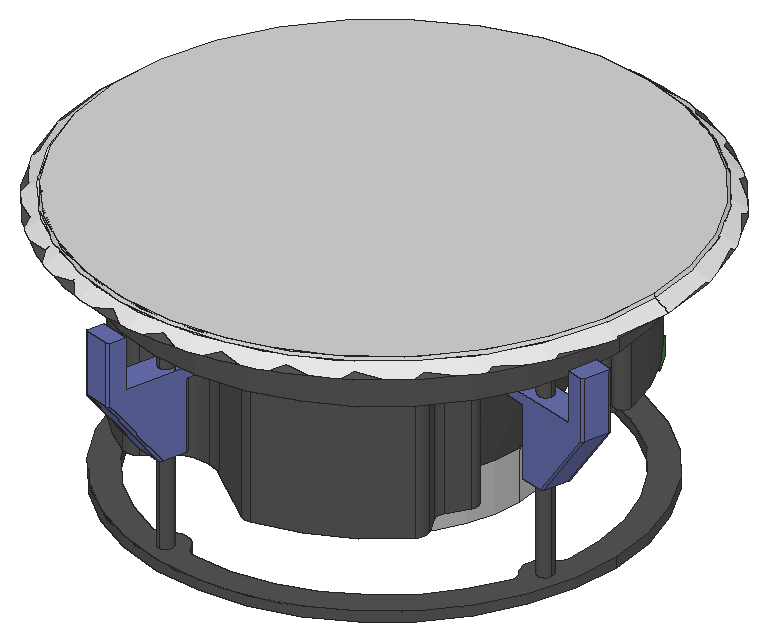
Revit family "PCI6DC LP", category Communication Devices, Revit 2020
Family settings
  Maintain Annotation Orientation = No
  Round Connector Dimension = Use Diameter
  Part Type = Normal
  Work Plane-Based = Yes
  Always vertical = No
  Cut with Voids When Loaded = Yes
  Shared = No
  Room Calculation Point = No
Parameters
  Weight (kg) [instance] = 2.9  # constant formula
  Thickness [instance] = 12 mm
  Square Grille [instance] = no
  Sensitivity [instance] = 86  # constant formula
  SPL Max (Peak) [instance] = 110  # constant formula
  Round Grille [instance] = yes
  Power Handling (Average) [instance] = 70  # constant formula
  Model = "PC!6DC LP"
  Manufacturer = "Tannoy"
  Impedance [instance] = 8  # constant formula
  Default Elevation = 0 mm
  Baffle Thickness [instance] = -Thickness  # -12 mm
Reference planes
  plane 1 "Center (Front/Back)": y = 0
  plane 2: z = 0
  plane 3 "Center (Left/Right)": x = 0
Forms (mm)
  Extrusion 1, solid, not visible
    sketch origin (0, 0, 0) x (1, 0, 0) y (0, 1, 0)
      loop
        line (-500, 500) -> (-500, -500) -> (500, -500) -> (500, 500) -> (-500, 500)
    from 0 to -12 <- "Baffle Thickness"
  Extrusion 2, void
    sketch origin (0, 0, 0) x (1, 0, 0) y (0, 1, 0)
      loop
        circle (0, 0) r 101
    from 0 to -12 <- "Baffle Thickness"
Cuts and joins
  Extrusion 2 cuts Extrusion 1
Dimensions and locks
  aligned and locked: level to plane 2
Nested families
  nested 1: "PCI6DC LP - base2" at (0, 0, 0) x (1, 0, 0) z (0, 0, -1), Round Grille <- "Round Grille", Square Grille <- "Square Grille", Thickness <- "Thickness", type "PCI6DC LP - base2"
    with Thickness 12 mm, Square Grille no, Round Grille yes
Definition of nested family "PCI6DC LP - base2"
  Parameters (values of type "PCI6DC LP - base2")
    Thickness [instance] = 12 mm
    Square Grille [instance] = yes
    Round Grille [instance] = no
    Model = "PCI6DC LP"
    Manufacturer = "Tannoy"
    Default Elevation = 0 mm
  Reference planes
    plane 1 "Center (Front/Back)": y = 0
    plane 2: z = 0
    plane 3 "Center (Left/Right)": x = 0
  Lines and regions (mm)
    model lines
      curve 1: circle (0, -0.001, 0) r 100 normal (0, 0, 1)
  Dimensions and locks
    aligned and locked: level to plane 2
  Nested families
    nested 1: "PCI6DC LP - base1" at (0, 0, 0) x (1, 0, 0) z (0, 0, -1), Thickness <- "Thickness", type "PCI6DC LP - base1", detail levels medium+fine
      with Thickness 12 mm, Mount Tab Start2 -32 mm, Mount Tab Start -12 mm, Mount Tab End2 -64 mm, Mount Tab End1 -36 mm
    nested 2: "QCI6 - Round Grille" at (0, 0, 0) x (1, 0, 0) z (0, 0, -1), visible <- "Round Grille", type "QCI6 - Round Grille", detail levels medium+fine
    nested 3: "QCI6 - Square Grille" at (0, 0, 0) x (1, 0, 0) z (0, 0, -1), visible <- "Square Grille", type "QCI6 - Square Grille", detail levels medium+fine
  Definition of nested family "PCI6DC LP - base1"
    Parameters (values of type "PCI6DC LP - base1")
      Thickness [instance] = 12 mm
      Mount Tab Start2 [instance] = Mount Tab Start - 20 mm  # -32 mm
      Mount Tab Start [instance] = if((Thickness < 8 mm), -8 mm, -Thickness)  # -12 mm
      Mount Tab End2 [instance] = Mount Tab Start - 52 mm  # -64 mm
      Mount Tab End1 [instance] = Mount Tab Start - 24 mm  # -36 mm
      Model = "PCI6DC LP"
      Manufacturer = "Tannoy"
      Default Elevation = 0 mm
    Reference planes
      plane 1 "Center (Front/Back)": y = 0
      plane 2: z = 0
      plane 3 "Center (Left/Right)": x = 0
    Forms (mm)
      Blend 1, solid
        base sketch origin (0, 0, 0) x (1, 0, 0) y (0, 1, 0)
          loop
            circle (0, 0) r 120.501
        top sketch origin (0, 0, 0) x (1, 0, 0) y (0, 1, 0)
          loop
            circle (0, 0) r 115.206
        from 0 to 3
      Extrusion 2, solid
        sketch origin (0, 0, 0) x (1, 0, 0) y (0, 1, 0)
          loop
            circle (0, 0) r 99.8
        from 0 to -21.9
      Blend 3, solid
        base sketch origin (-778.373, 0, 0) x (1, 0, 0) y (0, 1, 0)
          loop
            circle (778.373, 0) r 78.657
        top sketch origin (-778.373, 0, 0) x (1, 0, 0) y (0, 1, 0)
          loop
            circle (778.373, 0) r 57.427
        from -21.9 to -73.5
      Extrusion 4, solid
        sketch origin (0, 0, 0) x (1, 0, 0) y (0, 1, 0)
          loop
            circle (0, 0) r 57.427
        from -73.5 to -93.684
      Blend 5, void
        base sketch origin (0, 0, 0) x (1, 0, 0) y (0, 1, 0)
          loop
            arc (52.099, -78.53) -> (0, 94.241) -> (-52.099, -78.53) r 94.241
            line (-52.099, -78.53) -> (52.099, -78.53)
        top sketch origin (0, 0, 0) x (1, 0, 0) y (0, 1, 0)
          loop
            arc (40.454, -60.657) -> (-0.088, 72.907) -> (-40.307, -60.755) r 72.908
            arc (-40.307, -60.755) -> (0.089, -72.909) -> (40.454, -60.657) r 72.908
        from 3 to -15
      Blend 6, void
        base sketch origin (0, 0, 0) x (1, 0, 0) y (0, 1, 0)
          loop
            circle (0, -0.001) r 57.426
        top sketch origin (0, 0, 0) x (1, 0, 0) y (0, 1, 0)
          loop
            circle (0, -0.001) r 21.574
        from -15 to -40
      Extrusion 7, solid
        sketch origin (0, 0, 0) x (1, 0, 0) y (0, 1, 0)
          loop
            arc (65.278, -65.107) -> (66.834, -62.056) -> (66.378, -58.661) r 5.748
            line (66.378, -58.661) -> (62.368, -51.712)
            arc (62.368, -51.712) -> (61.699, -49.215) -> (62.368, -46.718) r 4.996
            line (62.368, -46.718) -> (67.403, -37.997)
            arc (67.403, -37.997) -> (67.889, -35.375) -> (66.616, -33.031) r 3.994
            line (66.616, -33.031) -> (58.279, -25.536)
            arc (58.279, -25.536) -> (54.886, -24.579) -> (52.058, -26.684) r 3.992
            arc (52.058, -26.684) -> (-50.67, -29.23) -> (2.961, 58.424) r 58.498
            arc (2.961, 58.424) -> (6.215, 59.842) -> (7.047, 63.293) r 3.985
            line (7.047, 63.293) -> (4.743, 74.138)
            arc (4.743, 74.138) -> (3.35, 76.412) -> (0.835, 77.302) r 3.994
            line (0.835, 77.302) -> (-9.238, 77.302)
            arc (-9.238, 77.302) -> (-11.734, 77.971) -> (-13.561, 79.8) r 4.991
            line (-13.561, 79.8) -> (-17.266, 86.216)
            arc (-17.266, 86.216) -> (-20.171, 88.761) -> (-24.025, 89.009) r 6
            arc (-24.025, 89.009) -> (-49.675, 77.668) -> (-70.729, 59.139) r 92.195
            arc (-70.729, 59.139) -> (-71.878, 56.995) -> (-72.082, 54.571) r 6
            line (-72.082, 54.571) -> (-68.499, 24.887)
            arc (-68.499, 24.887) -> (-68.468, 21.107) -> (-69.277, 17.415) r 16.913
            arc (-69.277, 17.415) -> (-73.216, 11.006) -> (-79.536, 6.925) r 16.99
            line (-79.536, 6.925) -> (-88.232, 3.75)
            arc (-88.232, 3.75) -> (-91.137, 1.487) -> (-92.172, -2.046) r 6
            arc (-92.172, -2.046) -> (-91.291, -12.882) -> (-89.14, -23.539) r 92.194
            arc (-89.14, -23.539) -> (-87, -26.761) -> (-83.339, -28.007) r 6
            line (-83.339, -28.007) -> (-76.053, -28.007)
            arc (-76.053, -28.007) -> (-73.31, -28.827) -> (-71.466, -31.017) r 5
            arc (-71.466, -31.017) -> (-67.451, -38.984) -> (-62.552, -46.44) r 77.908
            arc (-62.552, -46.44) -> (-61.575, -49.133) -> (-62.237, -51.92) r 5
            line (-62.237, -51.92) -> (-65.874, -58.22)
            arc (-65.874, -58.22) -> (-66.625, -62.016) -> (-64.902, -65.482) r 6
            arc (-64.902, -65.482) -> (-56.731, -72.675) -> (-47.768, -78.856) r 92.197
            arc (-47.768, -78.856) -> (-44.2, -79.707) -> (-40.804, -78.321) r 6
            line (-40.804, -78.321) -> (-33.71, -72.371)
            arc (-33.71, -72.371) -> (-27.02, -68.933) -> (-19.5, -68.721) r 16.99
            arc (-19.5, -68.721) -> (-15.897, -69.863) -> (-12.637, -71.777) r 16.913
            line (-12.637, -71.777) -> (11.293, -89.703)
            arc (11.293, -89.703) -> (13.495, -90.736) -> (15.927, -90.811) r 6
            arc (15.927, -90.811) -> (42.588, -81.771) -> (65.278, -65.107) r 92.195
        from -21.9 to -76.217
      Extrusion 8, solid
        sketch origin (-8.546, 14.136, 0) x (0.997564, 0.069756, 0) y (-0.069756, 0.997564, 0)
          loop
            line (72.915, 39.568) -> (77.202, 30.547) -> (84.6, 34.064) -> (80.313, 43.085) -> (72.915, 39.568)
        from -54.258 to -62.03
      Extrusion 9, solid
        sketch origin (0, 0, 0) x (1, 0, 0) y (0, 1, 0)
          loop
            arc (90.359, 18.302) -> (79.867, 46.053) -> (61.105, 69.036) r 92.195
            arc (61.105, 69.036) -> (56.539, 69.126) -> (55.717, 64.634) r 3.524
            line (55.717, 64.634) -> (83.882, 15.851)
            arc (83.882, 15.851) -> (88.162, 14.324) -> (90.359, 18.302) r 3.509
        from -21.9 to -54.258
      Extrusion 10, solid
        sketch origin (-1.881, -4.299, 0) x (0.888501, 0.458874, 0) y (-0.458874, 0.888501, 0)
          loop
            circle (-62.755, 63.433) r 3.03
        from -21.9 to -100.325
      Extrusion 11, solid
        sketch origin (-0.384, 0.827, 0) x (0.86006, 0.510193, 0) y (-0.510193, 0.86006, 0)
          loop
            line (-73.32, 82.586) -> (-81.658, 74.156) -> (-56.293, 49.067)
            arc (-56.293, 49.067) -> (-50.255, 51.75) -> (-48.617, 58.152) r 7.58
            line (-48.617, 58.152) -> (-73.32, 82.586)
        from -32 <- "Mount Tab Start2" to -36 <- "Mount Tab End1"
      Extrusion 12, solid
        sketch origin (-0.382, 0.827, 0) x (0.86006, 0.510193, 0) y (-0.510193, 0.86006, 0)
          loop
            line (-73.322, 82.587) -> (-78.001, 87.215)
            arc (-78.001, 87.215) -> (-78.71, 87.504) -> (-79.416, 87.208) r 1
            line (-79.416, 87.208) -> (-86.347, 80.2)
            arc (-86.347, 80.2) -> (-86.636, 79.491) -> (-86.34, 78.785) r 1
            line (-86.34, 78.785) -> (-81.66, 74.157) -> (-73.322, 82.587)
        from -12 <- "Mount Tab Start" to -36 <- "Mount Tab End1"
      Blend 13, solid
        base sketch origin (23.144, -4.734, 0) x (0.999952, 0.009809, 0) y (-0.009809, 0.999952, 0)
          loop
            arc (-134.702, 42.098) -> (-135.46, 41.993) -> (-135.922, 41.382) r 1
            line (-135.922, 41.382) -> (-138.402, 31.842)
            arc (-138.402, 31.842) -> (-138.296, 31.084) -> (-137.685, 30.623) r 1
            line (-137.685, 30.623) -> (-106.479, 22.511)
            arc (-106.479, 22.511) -> (-102.588, 27.849) -> (-104.362, 34.211) r 7.58
            line (-104.362, 34.211) -> (-134.702, 42.098)
        top sketch origin (23.144, -4.734, 0) x (0.999952, 0.009809, 0) y (-0.009809, 0.999952, 0)
          loop
            arc (-113.495, 36.585) -> (-114.253, 36.48) -> (-114.714, 35.869) r 1
            line (-114.714, 35.869) -> (-117.194, 26.329)
            arc (-117.194, 26.329) -> (-117.088, 25.571) -> (-116.478, 25.11) r 1
            line (-116.478, 25.11) -> (-106.464, 22.507)
            arc (-106.464, 22.507) -> (-102.588, 27.858) -> (-104.383, 34.217) r 7.58
            line (-104.383, 34.217) -> (-113.495, 36.585)
        from -36 <- "Mount Tab End1" to -64 <- "Mount Tab End2"
      Extrusion 14, solid
        sketch origin (-4.298, 1.886, 0) x (0.45833, -0.888782, 0) y (0.888782, 0.45833, 0)
          loop
            circle (-62.755, 63.433) r 3.03
        from -21.9 to -100.325
      Extrusion 15, solid
        sketch origin (0.827, 0.386, 0) x (0.509666, -0.860372, 0) y (0.860372, 0.509666, 0)
          loop
            line (-73.32, 82.586) -> (-81.658, 74.156) -> (-56.293, 49.067)
            arc (-56.293, 49.067) -> (-50.255, 51.75) -> (-48.617, 58.152) r 7.58
            line (-48.617, 58.152) -> (-73.32, 82.586)
        from -32 <- "Mount Tab Start2" to -36 <- "Mount Tab End1"
      Extrusion 16, solid
        sketch origin (0.827, 0.383, 0) x (0.509666, -0.860372, 0) y (0.860372, 0.509666, 0)
          loop
            line (-73.322, 82.587) -> (-78.001, 87.215)
            arc (-78.001, 87.215) -> (-78.71, 87.504) -> (-79.416, 87.208) r 1
            line (-79.416, 87.208) -> (-86.347, 80.2)
            arc (-86.347, 80.2) -> (-86.636, 79.491) -> (-86.34, 78.785) r 1
            line (-86.34, 78.785) -> (-81.66, 74.157) -> (-73.322, 82.587)
        from -12 <- "Mount Tab Start" to -36 <- "Mount Tab End1"
      Blend 17, solid
        base sketch origin (-4.747, -23.139, 0) x (0.009197, -0.999958, 0) y (0.999958, 0.009197, 0)
          loop
            arc (-134.702, 42.098) -> (-135.46, 41.993) -> (-135.922, 41.382) r 1
            line (-135.922, 41.382) -> (-138.402, 31.842)
            arc (-138.402, 31.842) -> (-138.296, 31.084) -> (-137.685, 30.623) r 1
            line (-137.685, 30.623) -> (-106.479, 22.511)
            arc (-106.479, 22.511) -> (-102.588, 27.849) -> (-104.362, 34.211) r 7.58
            line (-104.362, 34.211) -> (-134.702, 42.098)
        top sketch origin (-4.747, -23.139, 0) x (0.009197, -0.999958, 0) y (0.999958, 0.009197, 0)
          loop
            arc (-113.495, 36.585) -> (-114.253, 36.48) -> (-114.714, 35.869) r 1
            line (-114.714, 35.869) -> (-117.194, 26.329)
            arc (-117.194, 26.329) -> (-117.088, 25.571) -> (-116.478, 25.11) r 1
            line (-116.478, 25.11) -> (-106.464, 22.507)
            arc (-106.464, 22.507) -> (-102.588, 27.858) -> (-104.383, 34.217) r 7.58
            line (-104.383, 34.217) -> (-113.495, 36.585)
        from -36 <- "Mount Tab End1" to -64 <- "Mount Tab End2"
      Extrusion 18, solid
        sketch origin (1.882, 4.302, 0) x (-0.888296, -0.459272, 0) y (0.459272, -0.888296, 0)
          loop
            circle (-62.755, 63.433) r 3.03
        from -21.9 to -100.325
      Extrusion 19, solid
        sketch origin (0.387, -0.825, 0) x (-0.859832, -0.510578, 0) y (0.510578, -0.859832, 0)
          loop
            line (-73.32, 82.586) -> (-81.658, 74.156) -> (-56.293, 49.067)
            arc (-56.293, 49.067) -> (-50.255, 51.75) -> (-48.617, 58.152) r 7.58
            line (-48.617, 58.152) -> (-73.32, 82.586)
        from -32 <- "Mount Tab Start2" to -36 <- "Mount Tab End1"
      Extrusion 20, solid
        sketch origin (0.385, -0.825, 0) x (-0.859832, -0.510578, 0) y (0.510578, -0.859832, 0)
          loop
            line (-73.322, 82.587) -> (-78.001, 87.215)
            arc (-78.001, 87.215) -> (-78.71, 87.504) -> (-79.416, 87.208) r 1
            line (-79.416, 87.208) -> (-86.347, 80.2)
            arc (-86.347, 80.2) -> (-86.636, 79.491) -> (-86.34, 78.785) r 1
            line (-86.34, 78.785) -> (-81.66, 74.157) -> (-73.322, 82.587)
        from -12 <- "Mount Tab Start" to -36 <- "Mount Tab End1"
      Blend 21, solid
        base sketch origin (-23.144, 4.725, 0) x (-0.999947, -0.010256, 0) y (0.010256, -0.999947, 0)
          loop
            arc (-134.702, 42.098) -> (-135.46, 41.993) -> (-135.922, 41.382) r 1
            line (-135.922, 41.382) -> (-138.402, 31.842)
            arc (-138.402, 31.842) -> (-138.296, 31.084) -> (-137.685, 30.623) r 1
            line (-137.685, 30.623) -> (-106.479, 22.511)
            arc (-106.479, 22.511) -> (-102.588, 27.849) -> (-104.362, 34.211) r 7.58
            line (-104.362, 34.211) -> (-134.702, 42.098)
        top sketch origin (-23.144, 4.725, 0) x (-0.999947, -0.010256, 0) y (0.010256, -0.999947, 0)
          loop
            arc (-113.495, 36.585) -> (-114.253, 36.48) -> (-114.714, 35.869) r 1
            line (-114.714, 35.869) -> (-117.194, 26.329)
            arc (-117.194, 26.329) -> (-117.088, 25.571) -> (-116.478, 25.11) r 1
            line (-116.478, 25.11) -> (-106.464, 22.507)
            arc (-106.464, 22.507) -> (-102.588, 27.858) -> (-104.383, 34.217) r 7.58
            line (-104.383, 34.217) -> (-113.495, 36.585)
        from -36 <- "Mount Tab End1" to -64 <- "Mount Tab End2"
      Extrusion 22, solid
        sketch origin (4.303, -1.877, 0) x (-0.459778, 0.888034, 0) y (-0.888034, -0.459778, 0)
          loop
            circle (-62.755, 63.433) r 3.03
        from -21.9 to -100.325
      Extrusion 23, solid
        sketch origin (-0.824, -0.386, 0) x (-0.511067, 0.859541, 0) y (-0.859541, -0.511067, 0)
          loop
            line (-73.32, 82.586) -> (-81.658, 74.156) -> (-56.293, 49.067)
            arc (-56.293, 49.067) -> (-50.255, 51.75) -> (-48.617, 58.152) r 7.58
            line (-48.617, 58.152) -> (-73.32, 82.586)
        from -32 <- "Mount Tab Start2" to -36 <- "Mount Tab End1"
      Extrusion 24, solid
        sketch origin (-0.825, -0.383, 0) x (-0.511067, 0.859541, 0) y (-0.859541, -0.511067, 0)
          loop
            line (-73.322, 82.587) -> (-78.001, 87.215)
            arc (-78.001, 87.215) -> (-78.71, 87.504) -> (-79.416, 87.208) r 1
            line (-79.416, 87.208) -> (-86.347, 80.2)
            arc (-86.347, 80.2) -> (-86.636, 79.491) -> (-86.34, 78.785) r 1
            line (-86.34, 78.785) -> (-81.66, 74.157) -> (-73.322, 82.587)
        from -12 <- "Mount Tab Start" to -36 <- "Mount Tab End1"
      Blend 25, solid
        base sketch origin (4.712, 23.149, 0) x (-0.010826, 0.999941, 0) y (-0.999941, -0.010826, 0)
          loop
            arc (-134.702, 42.098) -> (-135.46, 41.993) -> (-135.922, 41.382) r 1
            line (-135.922, 41.382) -> (-138.402, 31.842)
            arc (-138.402, 31.842) -> (-138.296, 31.084) -> (-137.685, 30.623) r 1
            line (-137.685, 30.623) -> (-106.479, 22.511)
            arc (-106.479, 22.511) -> (-102.588, 27.849) -> (-104.362, 34.211) r 7.58
            line (-104.362, 34.211) -> (-134.702, 42.098)
        top sketch origin (4.712, 23.149, 0) x (-0.010826, 0.999941, 0) y (-0.999941, -0.010826, 0)
          loop
            arc (-113.495, 36.585) -> (-114.253, 36.48) -> (-114.714, 35.869) r 1
            line (-114.714, 35.869) -> (-117.194, 26.329)
            arc (-117.194, 26.329) -> (-117.088, 25.571) -> (-116.478, 25.11) r 1
            line (-116.478, 25.11) -> (-106.464, 22.507)
            arc (-106.464, 22.507) -> (-102.588, 27.858) -> (-104.383, 34.217) r 7.58
            line (-104.383, 34.217) -> (-113.495, 36.585)
        from -36 <- "Mount Tab End1" to -64 <- "Mount Tab End2"
      Extrusion 26, solid
        sketch origin (0, 0, 0) x (1, 0, 0) y (0, 1, 0)
          loop
            circle (-0.001, -0.001) r 98.446
          loop
            arc (11.45, 86.672) -> (-43.735, 75.698) -> (-80.804, 33.369) r 87.424
            arc (-80.804, 33.369) -> (-81.028, 31.036) -> (-80.041, 28.91) r 4.474
            arc (-80.041, 28.91) -> (-78.282, 20.994) -> (-83.767, 15.021) r 8.767
            arc (-83.767, 15.021) -> (-85.685, 13.674) -> (-86.659, 11.542) r 4.474
            arc (-86.659, 11.542) -> (-75.736, -43.672) -> (-33.421, -80.785) r 87.423
            arc (-33.421, -80.785) -> (-31.024, -81.072) -> (-28.827, -80.071) r 4.474
            arc (-28.827, -80.071) -> (-20.912, -78.304) -> (-14.934, -83.782) r 8.767
            arc (-14.934, -83.782) -> (-13.599, -85.687) -> (-11.489, -86.665) r 4.474
            arc (-11.489, -86.665) -> (43.673, -75.734) -> (80.765, -33.467) r 87.424
            arc (80.765, -33.467) -> (81.053, -31.07) -> (80.054, -28.872) r 4.474
            arc (80.054, -28.872) -> (78.291, -20.957) -> (83.772, -14.982) r 8.767
            arc (83.772, -14.982) -> (85.711, -13.608) -> (86.673, -11.435) r 4.474
            arc (86.673, -11.435) -> (75.744, 43.655) -> (33.554, 80.728) r 87.425
            arc (33.554, 80.728) -> (31.157, 81.018) -> (28.958, 80.021) r 4.474
            arc (28.958, 80.021) -> (21.041, 78.267) -> (15.072, 83.755) r 8.767
            arc (15.072, 83.755) -> (13.669, 85.721) -> (11.45, 86.672) r 4.474
        from -104.321 to -100.325
    Cuts and joins
      Blend 5 cuts Blend 1
      Blend 5, Blend 6 cuts Extrusion 2
      Blend 6 cuts Blend 3
      joined: Extrusion 2, Blend 3, Extrusion 7
      joined: Extrusion 23, Extrusion 24, Blend 25
      joined: Extrusion 15, Extrusion 16, Blend 17
      joined: Extrusion 11, Extrusion 12, Blend 13
      joined: Extrusion 19, Extrusion 20, Blend 21
    Lines and regions (mm)
      model lines
        curve 1: circle (-0.001, -0.001, -40) r 13.635 normal (0, 0, 1)
        curve 2: circle (0.001, 0.001, -40) r 6.391 normal (0, 0, 1)
    Dimensions and locks
      aligned and locked: level to plane 2
  Definition of nested family "QCI6 - Round Grille"
    Parameters
      Default Elevation = 1219.2 mm
    Reference planes
      plane 1 "Center (Front/Back)": y = 0
      plane 2: z = 0
      plane 3 "Center (Left/Right)": x = 0
    Forms (mm)
      Blend 1, solid
        base sketch origin (0, 0, 0) x (1, 0, 0) y (0, 1, 0)
          loop
            circle (0, 0) r 120.501
        top sketch origin (0, 0, 0) x (1, 0, 0) y (0, 1, 0)
          loop
            circle (0, 0.001) r 115
        from 0 to 3.9
      Blend 2, solid
        base sketch origin (0, 0, 0) x (1, 0, 0) y (0, 1, 0)
          loop
            circle (0, 0) r 114.856
        top sketch origin (0, 0, 0) x (1, 0, 0) y (0, 1, 0)
          loop
            circle (0, 0) r 114
        from 3.9 to 5
    Dimensions and locks
      aligned and locked: level to plane 2
  Definition of nested family "QCI6 - Square Grille"
    Parameters
      Default Elevation = 1219.2 mm
    Reference planes
      plane 1 "Center (Front/Back)": y = 0
      plane 2: z = 0
      plane 3 "Center (Left/Right)": x = 0
    Forms (mm)
      Blend 1, solid
        base sketch origin (0, 0, 0) x (1, 0, 0) y (0, 1, 0)
          loop
            arc (-118.499, 120.501) -> (-119.913, 119.915) -> (-120.499, 118.501) r 2
            line (-120.499, 118.501) -> (-120.499, -118.499)
            arc (-120.499, -118.499) -> (-119.913, -119.914) -> (-118.499, -120.499) r 2
            line (-118.499, -120.499) -> (118.501, -120.499)
            arc (118.501, -120.499) -> (119.915, -119.914) -> (120.501, -118.499) r 2
            line (120.501, -118.499) -> (120.501, 118.528)
            arc (120.501, 118.528) -> (119.923, 119.923) -> (118.528, 120.501) r 1.973
            line (118.528, 120.501) -> (-118.499, 120.501)
        top sketch origin (0, 0, 0) x (1, 0, 0) y (0, 1, 0)
          loop
            arc (-109.375, 114.861) -> (-113.251, 113.256) -> (-114.856, 109.38) r 5.481
            line (-114.856, 109.38) -> (-114.856, -109.357)
            arc (-114.856, -109.357) -> (-113.245, -113.246) -> (-109.356, -114.857) r 5.5
            line (-109.356, -114.857) -> (109.359, -114.857)
            arc (109.359, -114.857) -> (113.248, -113.246) -> (114.859, -109.357) r 5.5
            line (114.859, -109.357) -> (114.859, 109.361)
            arc (114.859, 109.361) -> (113.248, 113.25) -> (109.359, 114.861) r 5.5
            line (109.359, 114.861) -> (-109.375, 114.861)
        from 0 to 4
      Extrusion 2, solid
        sketch origin (0, 0, 0) x (1, 0, 0) y (0, 1, 0)
          loop
            arc (-109.375, 114.861) -> (-113.251, 113.256) -> (-114.856, 109.38) r 5.481
            line (-114.856, 109.38) -> (-114.856, -109.357)
            arc (-114.856, -109.357) -> (-113.245, -113.246) -> (-109.356, -114.857) r 5.5
            line (-109.356, -114.857) -> (109.359, -114.857)
            arc (109.359, -114.857) -> (113.248, -113.246) -> (114.859, -109.357) r 5.5
            line (114.859, -109.357) -> (114.859, 109.361)
            arc (114.859, 109.361) -> (113.248, 113.25) -> (109.359, 114.861) r 5.5
            line (109.359, 114.861) -> (-109.375, 114.861)
        from 4 to 5.1
    Dimensions and locks
      aligned and locked: level to plane 2
